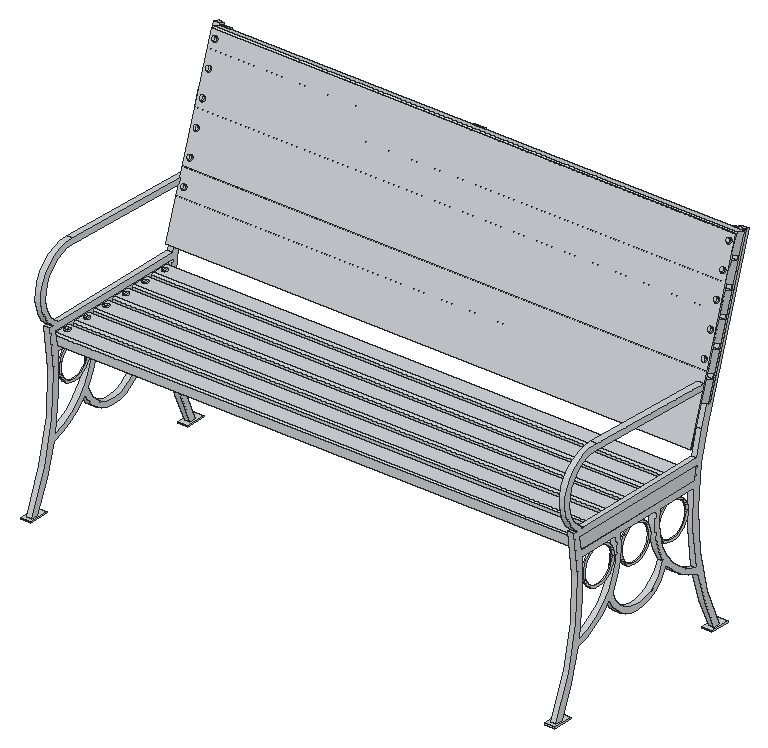
Revit family "Олимп_Скамейка", category Мебель, Revit 2017
Family settings
  Номер OmniClass = 23.40.20.00
  Заголовок OmniClass = General Furniture and Specialties
  На основе рабочей плоскости = Нет
  Всегда вертикально = Да
  При загрузке вырезать с полостями = Нет
  Общий = Нет
  Точка расчета площади = Нет
Parameters (values of type "Рекламная скамейка «Олимп» 1,5м")
  Стоимость = 12400
  Перемычка = yes
  Изготовитель = "ООО \"Хоббика\""
  Длина доски на спинке = Длина доски  # 1486 mm
  Длина доски = ADSK_Размер_Длина - 14 mm  # 1486 mm
  URL = "https://hobbyka.ru/product/reklamnaia_skameika_olimp/?sphrase_id=83012"
  ADSK_Размер_Ширина сидения = 420 mm
  ADSK_Размер_Ширина = 670 mm
  ADSK_Размер_Длина = 1500 mm
  ADSK_Размер_Высота сидения = 440 mm
  ADSK_Размер_Высота = 970 mm
  ADSK_Наименование = "Рекламная скамейка «Олимп»"
  ADSK_Материал фурнитуры = none
  ADSK_Материал рекламного щита = none
  ADSK_Материал опоры = none
  ADSK_Материал доски = none
  ADSK_Код изделия = "6903"
Reference planes
  plane 1 "По центру (Вперед/Назад)": y = 0
  plane 2: z = 0
  plane 3 "По центру (Влево/Вправо)": x = 0
  plane 4: x = -750
  plane 5: x = 750
  plane 6: x = -734
  plane 7: x = 752
  plane 8: x = -743.016
  plane 9: x = 742.984
Forms (mm)
  Extrusion 1, solid, material <- "ADSK_Материал опоры"
    sketch origin (0, 0, 0) x (0, 1, 0) y (0, 0, -1)
      loop
        line (69.074, -963.838) -> (-59.108, -581.544) -> (-64.108, -581.544) -> (64.579, -965.345) -> (69.074, -963.838)
    from -752 to -722
  Extrusion 2, solid, material <- "ADSK_Материал опоры"
    sketch origin (0, 0, 0) x (0, 1, 0) y (0, 0, 1)
      loop
        line (68.169, 964.141) -> (63.675, 965.648) -> (-65.113, 581.544) -> (-60.113, 581.544) -> (68.169, 964.141)
    from -734 to -704
  Extrusion 3, solid, material <- "ADSK_Материал опоры", visible <- "Перемычка"
    sketch origin (719, 0, 0) x (0, 1, 0) y (0, 0, 1)
      loop
        line (68.169, 964.141) -> (63.675, 965.648) -> (-65.113, 581.544) -> (-60.113, 581.544) -> (68.169, 964.141)
    from -734 to -704
  Extrusion 4, solid, material <- "ADSK_Материал рекламного щита"
    sketch origin (0, 0, 0) x (0, 1, 0) y (0, 0, 1)
      loop
        line (35.376, 969.013) -> (34.428, 969.331) -> (-125.854, 491.298) -> (-124.906, 490.98) -> (35.376, 969.013)
    from -734 to 752
Dimensions and locks
  equal spacing: plane 4, plane 3 "По центру (Влево/Вправо)", plane 5
  "ADSK_Размер_Длина": plane 4 to plane 5
  locked: Extrusion 1 to Extrusion 1 at 30
  plane 5 to plane 7 = 2 mm
  locked: plane 4 to plane 6 at 16
  locked: Extrusion 2 to Extrusion 2 at 30
  "Длина доски": plane 8 to plane 9
  locked: plane 4 to plane 8 at 6.984
  plane 9 to plane 5 = 7.016 mm
  equal spacing: group 1, group 3, group 4, group 5, group 6, group 2  (x3)
  "Длина доски на спинке": plane 6 to plane 7
  locked: Extrusion 3 to Extrusion 3 at 30
  Extrusion 4 sketch curve to Extrusion 4 sketch curve = 1 mm
  aligned and locked: level to plane 2
  aligned and locked: nested 1 to plane 4
  aligned and locked: nested 2 to plane 5
  aligned and locked: plane 7 to Extrusion 1
  aligned and locked: Extrusion 2 to plane 6
  aligned and locked: plane 8 to nested 3
  aligned and locked: plane 6 to nested 9
  aligned and locked: plane 6 to nested 10
  aligned and locked: plane 8 to nested 8
  aligned and locked: Extrusion 4 to plane 6
  aligned and locked: plane 7 to Extrusion 4
Automatic sketch dimensions
  plane 1 "По центру (Вперед/Назад)" to Extrusion 1 sketch curve = 64.108 mm
  Extrusion 1 sketch curve to Extrusion 1 sketch curve = 5 mm
  Extrusion 1 sketch curve to plane 1 "По центру (Вперед/Назад)" = 64.579 mm
  Extrusion 1 sketch curve to Extrusion 1 sketch curve = 4.495 mm
  level to Extrusion 1 sketch curve = 965.345 mm
  Extrusion 1 sketch curve to Extrusion 1 sketch curve = 1.507 mm
  Extrusion 1 sketch curve to Extrusion 1 sketch curve = 383.801 mm
  plane 1 "По центру (Вперед/Назад)" to Extrusion 2 sketch curve = 65.113 mm
  Extrusion 2 sketch curve to Extrusion 2 sketch curve = 5 mm
  Extrusion 2 sketch curve to plane 1 "По центру (Вперед/Назад)" = 63.675 mm
  Extrusion 2 sketch curve to Extrusion 2 sketch curve = 4.495 mm
  level to Extrusion 2 sketch curve = 581.544 mm
  Extrusion 2 sketch curve to Extrusion 2 sketch curve = 382.597 mm
  Extrusion 2 sketch curve to Extrusion 2 sketch curve = 1.507 mm
  plane 1 "По центру (Вперед/Назад)" to Extrusion 3 sketch curve = 65.113 mm
  Extrusion 3 sketch curve to Extrusion 3 sketch curve = 5 mm
  Extrusion 3 sketch curve to plane 1 "По центру (Вперед/Назад)" = 63.675 mm
  Extrusion 3 sketch curve to Extrusion 3 sketch curve = 4.495 mm
  level to Extrusion 3 sketch curve = 581.544 mm
  Extrusion 3 sketch curve to Extrusion 3 sketch curve = 382.597 mm
  Extrusion 3 sketch curve to Extrusion 3 sketch curve = 1.507 mm
  Extrusion 4 sketch curve to plane 1 "По центру (Вперед/Назад)" = 34.428 mm
  level to Extrusion 4 sketch curve = 969.013 mm
  plane 1 "По центру (Вперед/Назад)" to Extrusion 4 sketch curve = 124.906 mm
  Extrusion 4 sketch curve to Extrusion 4 sketch curve = 0.318 mm
Nested families
  nested 1: "Опора" at (-757, 0, 0), Материал опоры <- "ADSK_Материал опоры", type "Опора"
    with Материал опоры none
  nested 2: "Опора" at (757, 0, 0) x (-1, 0, 0) z (0, 0, 1), Материал опоры <- "ADSK_Материал опоры", type "Опора"
    with Материал опоры none
  nested 3: "Doska" at (-743.016, -457.337, 405.341), Длина доски <- "Длина доски", Материал доски <- "ADSK_Материал доски", Материал фурнитуры <- "ADSK_Материал фурнитуры", type "Doska"
    with Материал фурнитуры none, Материал доски none, Длина доски 1486 mm
  nested 4: "Doska" at (-743.016, -388.337, 405.341), Длина доски <- "Длина доски", Материал доски <- "ADSK_Материал доски", Материал фурнитуры <- "ADSK_Материал фурнитуры", type "Doska"
    with Материал фурнитуры none, Материал доски none, Длина доски 1486 mm
  nested 5: "Doska" at (-743.016, -319.337, 405.341), Длина доски <- "Длина доски", Материал доски <- "ADSK_Материал доски", Материал фурнитуры <- "ADSK_Материал фурнитуры", type "Doska"
    with Материал фурнитуры none, Материал доски none, Длина доски 1486 mm
  nested 6: "Doska" at (-743.016, -250.337, 405.341), Длина доски <- "Длина доски", Материал доски <- "ADSK_Материал доски", Материал фурнитуры <- "ADSK_Материал фурнитуры", type "Doska"
    with Материал фурнитуры none, Материал доски none, Длина доски 1486 mm
  nested 7: "Doska" at (-743.016, -181.337, 405.341), Длина доски <- "Длина доски", Материал доски <- "ADSK_Материал доски", Материал фурнитуры <- "ADSK_Материал фурнитуры", type "Doska"
    with Материал фурнитуры none, Материал доски none, Длина доски 1486 mm
  nested 8: "Doska" at (-743.016, -112.337, 405.341), Длина доски <- "Длина доски", Материал доски <- "ADSK_Материал доски", Материал фурнитуры <- "ADSK_Материал фурнитуры", type "Doska"
    with Материал фурнитуры none, Материал доски none, Длина доски 1486 mm
  nested 9: "Doska" at (-734, -46.564, 636.868) x (1, 0, 0) z (0, -0.9481, 0.3179), Длина доски <- "Длина доски на спинке", type "Doska"
    with Материал фурнитуры none, Материал доски none, Длина доски 1486 mm
  nested 10: "Doska" at (-734, 63.307, 964.552) x (1, 0, 0) z (0, -0.9481, 0.3179), Длина доски <- "Длина доски на спинке", type "Doska"
    with Материал фурнитуры none, Материал доски none, Длина доски 1486 mm
  nested 11: "Doska" at (-734, -24.589, 702.405) x (1, 0, 0) z (0, -0.9481, 0.3179), Длина доски <- "Длина доски на спинке", type "Doska"
    with Материал фурнитуры none, Материал доски none, Длина доски 1486 mm
  nested 12: "Doska" at (-734, -2.615, 767.942) x (1, 0, 0) z (0, -0.9481, 0.3179), Длина доски <- "Длина доски на спинке", type "Doska"
    with Материал фурнитуры none, Материал доски none, Длина доски 1486 mm
  nested 13: "Doska" at (-734, 19.359, 833.479) x (1, 0, 0) z (0, -0.9481, 0.3179), Длина доски <- "Длина доски на спинке", type "Doska"
    with Материал фурнитуры none, Материал доски none, Длина доски 1486 mm
  nested 14: "Doska" at (-734, 41.333, 899.015) x (1, 0, 0) z (0, -0.9481, 0.3179), Длина доски <- "Длина доски на спинке", type "Doska"
    with Материал фурнитуры none, Материал доски none, Длина доски 1486 mm
Definition of nested family "Опора"
  Parameters (values of type "Опора")
    Материал опоры [instance] = none
  Reference planes
    plane 1 "По центру (Вперед/Назад)": y = 0
    plane 2: z = 0
    plane 3 "По центру (Влево/Вправо)": x = 0
    plane 4: x = 30
    plane 5 "Слева": x = 15
    plane 6: x = 23
    plane 7: x = 7
    plane 8: x = 17.229
    plane 9: x = 13
  Forms (mm)
    Extrusion 1, solid, material <- "Материал опоры"
      sketch origin (0, 0, 0) x (0, 1, 0) y (0, 0, 1)
        loop
          line (0, 3) -> (-57.2, 3) -> (-57.2, 0) -> (0, 0) -> (0, 3)
        loop
          line (-556.161, 3) -> (-613.361, 3) -> (-613.361, 0) -> (-556.161, 0) -> (-556.161, 3)
      from 0 to 30
    Extrusion 2, solid, material <- "Материал опоры"
      sketch origin (15, 0, 0) x (0, -1, 0) y (0, 0, 1)
        loop
          line (-79.749, 963.258) -> (65.214, 530.914)
          arc (65.214, 530.914) -> (78.58, 485.879) -> (88.762, 440.02) r 671.056
          arc (88.762, 440.02) -> (92.687, 216.037) -> (23.414, 3) r 678.039
          line (23.414, 3) -> (41.312, 3)
          arc (41.312, 3) -> (75.349, 82.122) -> (99.38, 164.835) r 697.919
          arc (99.38, 164.835) -> (161.63, 190.415) -> (211.437, 235.679) r 194.505
          arc (211.437, 235.679) -> (311.877, 166.624) -> (412.317, 235.679) r 107.573
          arc (412.317, 235.679) -> (461.942, 190.53) -> (523.953, 164.928) r 194.505
          arc (523.953, 164.928) -> (547.981, 82.151) -> (582.105, 3) r 692.534
          line (582.105, 3) -> (600.004, 3)
          arc (600.004, 3) -> (529.195, 225.772) -> (538.505, 459.341) r 675.902
          line (538.505, 459.341) -> (528.486, 459.341)
          arc (528.486, 459.341) -> (562.587, 581.668) -> (457.013, 652.243) r 108.266
          line (457.013, 652.243) -> (46.564, 636.868) -> (-64.579, 968.345) -> (-79.749, 963.258)
        loop
          arc (83.986, 525.256) -> (93.601, 492.564) -> (101.181, 459.341) r 552.248
          line (101.181, 459.341) -> (504.343, 459.341)
          arc (504.343, 459.341) -> (551.403, 566.616) -> (457.194, 636.238) r 93.862
          line (457.194, 636.238) -> (51.865, 621.056) -> (83.986, 525.256)
        loop
          line (110.77, 405.341) -> (512.984, 405.341)
          arc (512.984, 405.341) -> (515.725, 424.383) -> (518.993, 443.341) r 692.534
          line (518.993, 443.341) -> (104.071, 443.341)
          arc (104.071, 443.341) -> (107.793, 424.406) -> (110.77, 405.341) r 492.949
        loop
          line (511.097, 389.341) -> (389.909, 389.341)
          arc (389.909, 389.341) -> (414.012, 259.412) -> (520.517, 181.189) r 179.505
          arc (520.517, 181.189) -> (507.934, 284.909) -> (511.097, 389.341) r 692.534
        loop
          line (233.845, 389.341) -> (112.683, 389.341)
          arc (112.683, 389.341) -> (115.576, 284.841) -> (102.828, 181.082) r 697.919
          arc (102.828, 181.082) -> (209.63, 259.234) -> (233.845, 389.341) r 179.505
        loop
          arc (249.108, 389.341) -> (248.622, 317.701) -> (222.232, 251.097) r 194.505
          arc (222.232, 251.097) -> (311.877, 181.624) -> (401.522, 251.097) r 92.573
          arc (401.522, 251.097) -> (375.132, 317.701) -> (374.646, 389.341) r 194.505
          line (374.646, 389.341) -> (249.108, 389.341)
      from -8 to 8
    Extrusion 3, solid, material <- "Материал опоры"
      sketch origin (15, 0, 0) x (0, -1, 0) y (0, 0, 1)
        loop
          circle (313.32, 335.423) r 53.918
        loop
          circle (442.826, 335.423) r 53.918
        loop
          circle (180.928, 335.423) r 53.918
        loop
          circle (442.826, 335.423) r 48.918
        loop
          circle (313.32, 335.423) r 48.918
        loop
          circle (180.928, 335.423) r 48.918
      from -2.229 to 2
    Extrusion 4, solid, material <- "Материал опоры"
      sketch origin (15, 0, 0) x (0, -1, 0) y (0, 0, 1)
        loop
          arc (512.984, 405.341) -> (515.725, 424.383) -> (518.993, 443.341) r 692.534
          line (518.993, 443.341) -> (104.071, 443.341)
          arc (104.071, 443.341) -> (107.793, 424.406) -> (110.77, 405.341) r 492.949
          line (110.77, 405.341) -> (512.984, 405.341)
      from 1.016 to 5.745
  Dimensions and locks
    locked: plane 3 "По центру (Влево/Вправо)" to plane 4 at 30
    equal spacing: plane 7, plane 5 "Слева", plane 6
    Extrusion 4 to Extrusion 4 to plane 5 "Слева" = 4.728 mm, 1.016 mm locked
    aligned and locked: level to plane 2
    aligned and locked: Extrusion 1 to plane 3 "По центру (Влево/Вправо)"
    aligned and locked: plane 4 to Extrusion 1
    aligned and locked: Extrusion 2 to plane 6
    aligned and locked: plane 7 to Extrusion 2
    aligned and locked: plane 8 to Extrusion 3
    aligned and locked: Extrusion 3 to plane 9
  Automatic sketch dimensions
    Extrusion 1 sketch curve to level = 0 mm  (x2)
    Extrusion 1 sketch curve to plane 1 "По центру (Вперед/Назад)" = 0 mm
    plane 1 "По центру (Вперед/Назад)" to Extrusion 1 sketch curve = 57.2 mm
    level to Extrusion 1 sketch curve = 3 mm  (x2)
    Extrusion 1 sketch curve to Extrusion 1 sketch curve = 498.961 mm
    Extrusion 1 sketch curve to Extrusion 1 sketch curve = 57.2 mm
    Extrusion 2 sketch curve to Extrusion 2 sketch curve = 0 mm  (x23)
    level to Extrusion 2 sketch curve = 317.829 mm
    Extrusion 2 sketch curve to plane 1 "По центру (Вперед/Назад)" = 581.563 mm
    Extrusion 2 sketch curve to Extrusion 2 sketch curve = 3.667 mm
    Extrusion 2 sketch curve to Extrusion 2 sketch curve = 6.866 mm
    Extrusion 2 sketch curve to Extrusion 2 sketch curve = 130.264 mm
    Extrusion 2 sketch curve to Extrusion 2 sketch curve = 63.095 mm
    Extrusion 2 sketch curve to plane 1 "По центру (Вперед/Назад)" = 79.749 mm
    Extrusion 2 sketch curve to Extrusion 2 sketch curve = 15.17 mm
    level to Extrusion 2 sketch curve = 3 mm  (x2)
    plane 1 "По центру (Вперед/Назад)" to Extrusion 2 sketch curve = 23.414 mm
    Extrusion 2 sketch curve to Extrusion 2 sketch curve = 17.899 mm  (x2)
    plane 1 "По центру (Вперед/Назад)" to Extrusion 2 sketch curve = 46.564 mm
    Extrusion 2 sketch curve to Extrusion 2 sketch curve = 5.302 mm
    plane 1 "По центру (Вперед/Назад)" to Extrusion 2 sketch curve = 57.692 mm
    plane 1 "По центру (Вперед/Назад)" to Extrusion 2 sketch curve = 65.214 mm
    Extrusion 2 sketch curve to Extrusion 2 sketch curve = 18.772 mm
    Extrusion 2 sketch curve to Extrusion 2 sketch curve = 17.194 mm
    Extrusion 2 sketch curve to Extrusion 2 sketch curve = 2.891 mm
    Extrusion 2 sketch curve to Extrusion 2 sketch curve = 6.698 mm
    Extrusion 2 sketch curve to Extrusion 2 sketch curve = 1.913 mm
    Extrusion 2 sketch curve to Extrusion 2 sketch curve = 121.163 mm
    Extrusion 2 sketch curve to Extrusion 2 sketch curve = 15.263 mm  (x2)
    Extrusion 2 sketch curve to Extrusion 2 sketch curve = 62.769 mm
    Extrusion 2 sketch curve to Extrusion 2 sketch curve = 125.538 mm
    Extrusion 2 sketch curve to Extrusion 2 sketch curve = 67.104 mm
    Extrusion 2 sketch curve to Extrusion 2 sketch curve = 0.181 mm
    Extrusion 2 sketch curve to Extrusion 2 sketch curve = 3.513 mm
    Extrusion 2 sketch curve to Extrusion 2 sketch curve = 0.358 mm
    Extrusion 2 sketch curve to Extrusion 2 sketch curve = 43.636 mm
    Extrusion 2 sketch curve to Extrusion 2 sketch curve = 6.754 mm
    Extrusion 2 sketch curve to Extrusion 2 sketch curve = 1.887 mm
    Extrusion 2 sketch curve to Extrusion 2 sketch curve = 14.65 mm
    Extrusion 2 sketch curve to Extrusion 2 sketch curve = 9.493 mm
    Extrusion 2 sketch curve to Extrusion 2 sketch curve = 10.019 mm
    Extrusion 2 sketch curve to Extrusion 2 sketch curve = 54.966 mm
    Extrusion 2 sketch curve to Extrusion 2 sketch curve = 16.042 mm
    Extrusion 2 sketch curve to Extrusion 2 sketch curve = 632.98 mm
    Extrusion 2 sketch curve to Extrusion 2 sketch curve = 0.717 mm
    level to Extrusion 2 sketch curve = 274.197 mm
    level to Extrusion 2 sketch curve = 316.044 mm
    Extrusion 2 sketch curve to Extrusion 2 sketch curve = 0.175 mm
    Extrusion 2 sketch curve to Extrusion 2 sketch curve = 1.519 mm
    Extrusion 2 sketch curve to Extrusion 2 sketch curve = 1.274 mm
    Extrusion 2 sketch curve to Extrusion 2 sketch curve = 21.247 mm
    Extrusion 2 sketch curve to Extrusion 2 sketch curve = 14.34 mm
    Extrusion 2 sketch curve to Extrusion 2 sketch curve = 50.521 mm  (x2)
    Extrusion 2 sketch curve to Extrusion 2 sketch curve = 16 mm  (x3)
    Extrusion 2 sketch curve to Extrusion 2 sketch curve = 5.658 mm
    Extrusion 2 sketch curve to Extrusion 2 sketch curve = 83.102 mm
    Extrusion 2 sketch curve to Extrusion 2 sketch curve = 1.61 mm
    Extrusion 2 sketch curve to Extrusion 2 sketch curve = 90.142 mm
    Extrusion 2 sketch curve to Extrusion 2 sketch curve = 15.813 mm
    Extrusion 2 sketch curve to Extrusion 2 sketch curve = 326.39 mm
    Extrusion 2 sketch curve to Extrusion 2 sketch curve = 5.086 mm
    Extrusion 2 sketch curve to Extrusion 2 sketch curve = 3.448 mm
    Extrusion 2 sketch curve to Extrusion 2 sketch curve = 100.44 mm
    Extrusion 2 sketch curve to Extrusion 2 sketch curve = 10.796 mm  (x2)
    Extrusion 3 sketch curve to Extrusion 3 sketch curve = 0 mm  (x8)
    plane 1 "По центру (Вперед/Назад)" to Extrusion 3 sketch curve = 180.928 mm
    Extrusion 3 sketch curve to Extrusion 3 sketch curve = 132.392 mm
    Extrusion 3 sketch curve to Extrusion 3 sketch curve = 129.506 mm
    level to Extrusion 3 sketch curve = 335.423 mm
    plane 1 "По центру (Вперед/Назад)" to Extrusion 4 sketch curve = 512.984 mm
    Extrusion 4 sketch curve to Extrusion 4 sketch curve = 6.009 mm
    level to Extrusion 4 sketch curve = 316.219 mm
    Extrusion 4 sketch curve to Extrusion 4 sketch curve = 686.776 mm
    level to Extrusion 4 sketch curve = 405.341 mm
    plane 1 "По центру (Вперед/Назад)" to Extrusion 4 sketch curve = 110.77 mm
    Extrusion 4 sketch curve to Extrusion 4 sketch curve = 6.698 mm
    level to Extrusion 4 sketch curve = 338.831 mm
    radius of Extrusion 3 sketch curve = 53.918 mm  (x3)
    radius of Extrusion 3 sketch curve = 48.918 mm  (x3)
Definition of nested family "Doska"
  Parameters (values of type "Doska")
    Default Elevation = 1219.2 mm
    Материал фурнитуры [instance] = none
    Материал доски [instance] = none
    Длина доски [instance] = 1500 mm
  Reference planes
    plane 1 "По центру (Вперед/Назад)": y = 0
    plane 2: z = 0
    plane 3 "По центру (Влево/Вправо)": x = 0
    plane 4 "1": x = 15
    plane 5: x = 1485
    plane 6: x = 1500
  Forms (mm)
    Extrusion 1, solid
      sketch origin (0, 0, 0) x (1, 0, 0) y (0, 1, 0)
        loop
          line (-1219.2, 1219.2) -> (-1219.2, -1219.2) -> (1219.2, -1219.2) -> (1219.2, 1219.2) -> (-1219.2, 1219.2)
      from 0 to -304.8
    Extrusion 2, solid, material <- "Материал доски"
      sketch origin (0, 0, 0) x (0, 1, 0) y (0, 0, 1)
        loop
          line (0, 23.25) -> (-4.65, 27.9) -> (-51.15, 27.9) -> (-55.8, 23.25) -> (-55.8, 0) -> (0, 0) -> (0, 23.25)
      from 0 to 1500
    Revolve 3, solid, material <- "Материал фурнитуры"
      sketch origin (15, 0, 0) x (0, 1, 0) y (0, 0, 1)
        loop
          line (-25.6, 29.76) -> (-32.6, 29.76) -> (-32.6, 27.9) -> (-25.6, 27.9) -> (-25.6, 29.76)
        axis (-25.6, 29.76) -> (-25.6, 27.9)
      angle from 0 to 360
    Revolve 4, solid, material <- "Материал фурнитуры"
      sketch origin (1485, 0, 0) x (0, 1, 0) y (0, 0, 1)
        loop
          line (-25.6, 29.76) -> (-32.6, 29.76) -> (-32.6, 27.9) -> (-25.6, 27.9) -> (-25.6, 29.76)
        axis (-25.6, 29.76) -> (-25.6, 27.9)
      angle from 0 to 360
  Dimensions and locks
    "Длина доски": plane 3 "По центру (Влево/Вправо)" to plane 6
    locked: plane 3 "По центру (Влево/Вправо)" to plane 4 "1" at 15
    locked: plane 5 to plane 6 at 15
    aligned and locked: plane 2 to Extrusion 1
    aligned and locked: level to Extrusion 1
    aligned and locked: Extrusion 2 sketch curve to Extrusion 1
    aligned and locked: plane 6 to Extrusion 2
    aligned and locked: plane 5 to Revolve 4
  Automatic sketch dimensions
    Extrusion 1 sketch curve to Extrusion 1 sketch curve = 2438.4 mm  (x2)
    Extrusion 2 sketch curve to plane 1 "По центру (Вперед/Назад)" = 0 mm
    plane 1 "По центру (Вперед/Назад)" to Extrusion 2 sketch curve = 4.65 mm
    Extrusion 2 sketch curve to Extrusion 2 sketch curve = 46.5 mm
    Extrusion 2 sketch curve to Extrusion 2 sketch curve = 4.65 mm  (x2)
    Extrusion 2 sketch curve to Extrusion 2 sketch curve = 23.25 mm  (x2)
    plane 1 "По центру (Вперед/Назад)" to Revolve 3 sketch curve = 32.6 mm
    Revolve 3 sketch curve to Revolve 3 sketch curve = 7 mm
    level to Revolve 3 sketch curve = 27.9 mm
    Revolve 3 sketch curve to Revolve 3 sketch curve = 1.86 mm
    Revolve 3 sketch curve to Revolve 3 sketch curve = 0 mm
    Revolve 3 sketch curve to Revolve 3 sketch curve = 5.113 mm
    Revolve 3 sketch curve to Revolve 3 sketch curve = 3.027 mm
    plane 1 "По центру (Вперед/Назад)" to Revolve 4 sketch curve = 32.6 mm
    Revolve 4 sketch curve to Revolve 4 sketch curve = 7 mm
    level to Revolve 4 sketch curve = 27.9 mm
    Revolve 4 sketch curve to Revolve 4 sketch curve = 1.86 mm
    Revolve 4 sketch curve to Revolve 4 sketch curve = 0 mm
    Revolve 4 sketch curve to Revolve 4 sketch curve = 5.113 mm
    Revolve 4 sketch curve to Revolve 4 sketch curve = 3.027 mm
